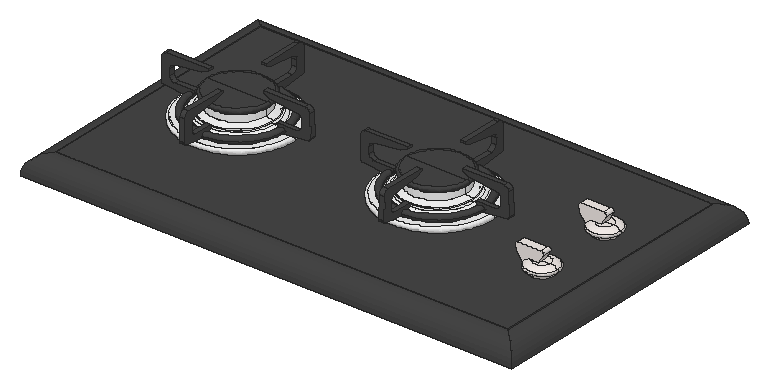
Revit family
Reference planes
  plane 1 "Center (Front/Back)": y = 0
  plane 2: z = 0
  plane 3 "Center (Left/Right)": x = 0
  plane 4: y = 150
  plane 5: y = -150
  plane 6: x = -250
  plane 7: x = 250
  plane 8: y = 130
  plane 9: y = -130
  plane 10: x = -230
  plane 11: x = 230
Forms (mm)
  Extrusion 1, solid, material "Cooktop - Body"
    sketch origin (0, 0, 0) x (1, 0, 0) y (0, 1, 0)
      loop
        line (-230, 130) -> (-230, -130) -> (230, -130) -> (230, 130) -> (-230, 130)
    from 0 to 20
  Sweep 2, solid, material "Cooktop - Body"
    path in 3D
      loop
        line (230, -130, 20) -> (230, 130, 20) -> (-230, 130, 20) -> (-230, -130, 20) -> (230, -130, 20)
    profile origin (0, -130, 20) x (0, 1, 0) y (0, 0, 1)
      loop
        arc (0, 0) -> (-14.142, -5.858) -> (-20, -20) r 20
        line (-20, -20) -> (0, -20) -> (0, 0)
  Revolve 3, solid, material "Cooktop - Detail 2"
    sketch origin (155, 0, 20) x (-1, 0, 0) y (0, 0, -1)
      loop
        line (101.25, 0) -> (46.25, 0)
        arc (46.25, 0) -> (43.75, -2.5) -> (46.25, -5) r 2.5
        line (46.25, -5) -> (56.25, -5) -> (59.786, -8.536)
        arc (59.786, -8.536) -> (61.398, -9.563) -> (63.293, -9.812) r 4.416
        line (63.293, -9.812) -> (67.19, -9.812) -> (67.19, -10.959) -> (65.38, -10.959) -> (65.38, -11.852) -> (72.127, -14.578) -> (72.127, -23.722) -> (101.25, -23.722) -> (101.25, 0)
      axis (101.25, -23.722) -> (101.25, 0)
    angle from 0 to 360
  Revolve 4, solid, material "Cooktop - Body"
    sketch origin (155, 0, 20) x (-1, 0, 0) y (0, 0, -1)
      loop
        circle (54.617, -8.324) r 3.052
      axis (101.25, -8.324) -> (101.25, -9.324)
    angle from 0 to 360
  Extrusion 5, solid, material "Cooktop - Body"
    sketch origin (155, 2.5, 20) x (-1, 0, 0) y (0, 0, -1)
      loop
        line (53.53, -5.462) -> (27.524, -8.655)
        arc (27.524, -8.655) -> (26.171, -9.374) -> (25.647, -10.813) r 2.139
        line (25.647, -10.813) -> (26.019, -33.141)
        arc (26.019, -33.141) -> (27.535, -36.556) -> (30.998, -37.957) r 4.982
        line (30.998, -37.957) -> (73.328, -37.957) -> (73.328, -36.184) -> (66.703, -33.095) -> (39.234, -29.722)
        arc (39.234, -29.722) -> (35.711, -28.263) -> (34.252, -24.74) r 4.982
        line (34.252, -24.74) -> (34.252, -18.214)
        arc (34.252, -18.214) -> (35.711, -14.691) -> (39.234, -13.232) r 4.982
        line (39.234, -13.232) -> (59.234, -13.232) -> (59.234, -11.166) -> (53.53, -5.462)
    from 0 to 5
  Revolve 6, solid, material "Cooktop - Body"
    sketch origin (155, 0, 20) x (-1, 0, 0) y (0, 0, -1)
      loop
        arc (72.256, -23.722) -> (68.769, -24.687) -> (70.852, -27.645) r 2.213
        line (70.852, -27.645) -> (101.25, -27.645) -> (101.25, -23.722) -> (72.256, -23.722)
      axis (101.25, -23.722) -> (101.25, -27.645)
    angle from 0 to 360
  Extrusion 7, solid, material "Cooktop - Body"
    sketch origin (56.25, 106.25, 20) x (0, -1, 0) y (0, 0, 1)
      loop
        line (53.53, 5.462) -> (59.234, 11.166) -> (59.234, 13.232) -> (39.234, 13.232)
        arc (39.234, 13.232) -> (35.711, 14.691) -> (34.252, 18.214) r 4.982
        line (34.252, 18.214) -> (34.252, 24.74)
        arc (34.252, 24.74) -> (35.711, 28.263) -> (39.234, 29.722) r 4.982
        line (39.234, 29.722) -> (66.703, 33.095) -> (73.328, 36.184) -> (73.328, 37.957) -> (30.998, 37.957)
        arc (30.998, 37.957) -> (27.535, 36.556) -> (26.019, 33.141) r 4.982
        line (26.019, 33.141) -> (25.647, 10.813)
        arc (25.647, 10.813) -> (26.171, 9.374) -> (27.524, 8.655) r 2.139
        line (27.524, 8.655) -> (53.53, 5.462)
    from 0 to 5
  Extrusion 8, solid, material "Cooktop - Body"
    sketch origin (56.25, -96.25, 20) x (0, 1, 0) y (0, 0, -1)
      loop
        line (53.53, -5.462) -> (27.524, -8.655)
        arc (27.524, -8.655) -> (26.171, -9.374) -> (25.647, -10.813) r 2.139
        line (25.647, -10.813) -> (26.019, -33.141)
        arc (26.019, -33.141) -> (27.535, -36.556) -> (30.998, -37.957) r 4.982
        line (30.998, -37.957) -> (73.328, -37.957) -> (73.328, -36.184) -> (66.703, -33.095) -> (39.234, -29.722)
        arc (39.234, -29.722) -> (35.711, -28.263) -> (34.252, -24.74) r 4.982
        line (34.252, -24.74) -> (34.252, -18.214)
        arc (34.252, -18.214) -> (35.711, -14.691) -> (39.234, -13.232) r 4.982
        line (39.234, -13.232) -> (59.234, -13.232) -> (59.234, -11.166) -> (53.53, -5.462)
    from 0 to 5
  Extrusion 9, solid, material "Cooktop - Body"
    sketch origin (-47.5, 2.5, 20) x (1, 0, 0) y (0, 0, 1)
      loop
        line (53.53, 5.462) -> (59.234, 11.166) -> (59.234, 13.232) -> (39.234, 13.232)
        arc (39.234, 13.232) -> (35.711, 14.691) -> (34.252, 18.214) r 4.982
        line (34.252, 18.214) -> (34.252, 24.74)
        arc (34.252, 24.74) -> (35.711, 28.263) -> (39.234, 29.722) r 4.982
        line (39.234, 29.722) -> (66.703, 33.095) -> (73.328, 36.184) -> (73.328, 37.957) -> (30.998, 37.957)
        arc (30.998, 37.957) -> (27.535, 36.556) -> (26.019, 33.141) r 4.982
        line (26.019, 33.141) -> (25.647, 10.813)
        arc (25.647, 10.813) -> (26.171, 9.374) -> (27.524, 8.655) r 2.139
        line (27.524, 8.655) -> (53.53, 5.462)
    from 0 to 5
  Revolve 10, solid, material "Cooktop - Detail 2"
    sketch origin (-47.5, 0, 20) x (-1, 0, 0) y (0, 0, -1)
      loop
        line (101.25, 0) -> (46.25, 0)
        arc (46.25, 0) -> (43.75, -2.5) -> (46.25, -5) r 2.5
        line (46.25, -5) -> (56.25, -5) -> (59.786, -8.536)
        arc (59.786, -8.536) -> (61.398, -9.563) -> (63.293, -9.812) r 4.416
        line (63.293, -9.812) -> (67.19, -9.812) -> (67.19, -10.959) -> (65.38, -10.959) -> (65.38, -11.852) -> (72.127, -14.578) -> (72.127, -23.722) -> (101.25, -23.722) -> (101.25, 0)
      axis (101.25, -23.722) -> (101.25, 0)
    angle from 0 to 360
  Revolve 11, solid, material "Cooktop - Body"
    sketch origin (-47.5, 0, 20) x (-1, 0, 0) y (0, 0, -1)
      loop
        circle (54.617, -8.324) r 3.052
      axis (101.25, -8.324) -> (101.25, -9.324)
    angle from 0 to 360
  Extrusion 12, solid, material "Cooktop - Body"
    sketch origin (-47.5, 2.5, 20) x (-1, 0, 0) y (0, 0, -1)
      loop
        line (53.53, -5.462) -> (27.524, -8.655)
        arc (27.524, -8.655) -> (26.171, -9.374) -> (25.647, -10.813) r 2.139
        line (25.647, -10.813) -> (26.019, -33.141)
        arc (26.019, -33.141) -> (27.535, -36.556) -> (30.998, -37.957) r 4.982
        line (30.998, -37.957) -> (73.328, -37.957) -> (73.328, -36.184) -> (66.703, -33.095) -> (39.234, -29.722)
        arc (39.234, -29.722) -> (35.711, -28.263) -> (34.252, -24.74) r 4.982
        line (34.252, -24.74) -> (34.252, -18.214)
        arc (34.252, -18.214) -> (35.711, -14.691) -> (39.234, -13.232) r 4.982
        line (39.234, -13.232) -> (59.234, -13.232) -> (59.234, -11.166) -> (53.53, -5.462)
    from 0 to 5
  Revolve 13, solid, material "Cooktop - Body"
    sketch origin (-47.5, 0, 20) x (-1, 0, 0) y (0, 0, -1)
      loop
        arc (72.256, -23.722) -> (68.769, -24.687) -> (70.852, -27.645) r 2.213
        line (70.852, -27.645) -> (101.25, -27.645) -> (101.25, -23.722) -> (72.256, -23.722)
      axis (101.25, -23.722) -> (101.25, -27.645)
    angle from 0 to 360
  Extrusion 14, solid, material "Cooktop - Body"
    sketch origin (-146.25, 106.25, 20) x (0, -1, 0) y (0, 0, 1)
      loop
        line (53.53, 5.462) -> (59.234, 11.166) -> (59.234, 13.232) -> (39.234, 13.232)
        arc (39.234, 13.232) -> (35.711, 14.691) -> (34.252, 18.214) r 4.982
        line (34.252, 18.214) -> (34.252, 24.74)
        arc (34.252, 24.74) -> (35.711, 28.263) -> (39.234, 29.722) r 4.982
        line (39.234, 29.722) -> (66.703, 33.095) -> (73.328, 36.184) -> (73.328, 37.957) -> (30.998, 37.957)
        arc (30.998, 37.957) -> (27.535, 36.556) -> (26.019, 33.141) r 4.982
        line (26.019, 33.141) -> (25.647, 10.813)
        arc (25.647, 10.813) -> (26.171, 9.374) -> (27.524, 8.655) r 2.139
        line (27.524, 8.655) -> (53.53, 5.462)
    from 0 to 5
  Extrusion 15, solid, material "Cooktop - Body"
    sketch origin (-146.25, -96.25, 20) x (0, 1, 0) y (0, 0, -1)
      loop
        line (53.53, -5.462) -> (27.524, -8.655)
        arc (27.524, -8.655) -> (26.171, -9.374) -> (25.647, -10.813) r 2.139
        line (25.647, -10.813) -> (26.019, -33.141)
        arc (26.019, -33.141) -> (27.535, -36.556) -> (30.998, -37.957) r 4.982
        line (30.998, -37.957) -> (73.328, -37.957) -> (73.328, -36.184) -> (66.703, -33.095) -> (39.234, -29.722)
        arc (39.234, -29.722) -> (35.711, -28.263) -> (34.252, -24.74) r 4.982
        line (34.252, -24.74) -> (34.252, -18.214)
        arc (34.252, -18.214) -> (35.711, -14.691) -> (39.234, -13.232) r 4.982
        line (39.234, -13.232) -> (59.234, -13.232) -> (59.234, -11.166) -> (53.53, -5.462)
    from 0 to 5
  Extrusion 16, solid, material "Cooktop - Body"
    sketch origin (-250, 2.5, 20) x (1, 0, 0) y (0, 0, 1)
      loop
        line (53.53, 5.462) -> (59.234, 11.166) -> (59.234, 13.232) -> (39.234, 13.232)
        arc (39.234, 13.232) -> (35.711, 14.691) -> (34.252, 18.214) r 4.982
        line (34.252, 18.214) -> (34.252, 24.74)
        arc (34.252, 24.74) -> (35.711, 28.263) -> (39.234, 29.722) r 4.982
        line (39.234, 29.722) -> (66.703, 33.095) -> (73.328, 36.184) -> (73.328, 37.957) -> (30.998, 37.957)
        arc (30.998, 37.957) -> (27.535, 36.556) -> (26.019, 33.141) r 4.982
        line (26.019, 33.141) -> (25.647, 10.813)
        arc (25.647, 10.813) -> (26.171, 9.374) -> (27.524, 8.655) r 2.139
        line (27.524, 8.655) -> (53.53, 5.462)
    from 0 to 5
  Revolve 17, solid, material "Cooktop - Detail 1"
    sketch origin (122.5, 40, 20) x (1, 0, 0) y (0, 0, -1)
      loop
        line (70, 0) -> (57.788, 0) -> (54.122, -4.255)
        arc (54.122, -4.255) -> (53.692, -5.465) -> (54.191, -6.649) r 1.776
        arc (54.191, -6.649) -> (57.476, -8.905) -> (61.381, -9.7) r 10
        line (61.381, -9.7) -> (70, -9.7) -> (70, 0)
      axis (70, 0) -> (70, -9.7)
    angle from 0 to 360
  Extrusion 18, solid, material "Cooktop - Detail 1"
    sketch origin (204.712, 40, 1200) x (1, 0, 0) y (0, 0, 1)
      loop
        line (-12.212, -1170.188) -> (-7.501, -1162.478)
        arc (-7.501, -1162.478) -> (-7.452, -1159.85) -> (-9.72, -1158.521) r 2.601
        line (-9.72, -1158.521) -> (-33.201, -1158.521)
        arc (-33.201, -1158.521) -> (-34.829, -1159.821) -> (-35.443, -1161.812) r 3.536
        line (-35.443, -1161.812) -> (-34.064, -1166.618)
        arc (-34.064, -1166.618) -> (-31.908, -1171.212) -> (-28.329, -1174.809) r 14.822
        line (-28.329, -1174.809) -> (-12.212, -1170.188)
    from 4.4 to -4.4
  Revolve 19, solid, material "Cooktop - Detail 1"
    sketch origin (122.5, -40, 20) x (1, 0, 0) y (0, 0, 1)
      loop
        line (70, 0) -> (70, 9.7) -> (61.381, 9.7)
        arc (61.381, 9.7) -> (57.476, 8.905) -> (54.191, 6.649) r 10
        arc (54.191, 6.649) -> (53.692, 5.465) -> (54.122, 4.255) r 1.776
        line (54.122, 4.255) -> (57.788, 0) -> (70, 0)
      axis (70, 0) -> (70, 9.7)
    angle from 0 to 360
  Extrusion 20, solid, material "Cooktop - Detail 1"
    sketch origin (204.712, -40, 1200) x (1, 0, 0) y (0, 0, -1)
      loop
        line (-12.212, 1170.188) -> (-28.329, 1174.809)
        arc (-28.329, 1174.809) -> (-31.908, 1171.212) -> (-34.064, 1166.618) r 14.822
        line (-34.064, 1166.618) -> (-35.443, 1161.812)
        arc (-35.443, 1161.812) -> (-34.829, 1159.821) -> (-33.201, 1158.521) r 3.536
        line (-33.201, 1158.521) -> (-9.72, 1158.521)
        arc (-9.72, 1158.521) -> (-7.452, 1159.85) -> (-7.501, 1162.478) r 2.601
        line (-7.501, 1162.478) -> (-12.212, 1170.188)
    from 4.4 to -4.4
Lines and regions (mm)
  sketch lines
    curve 1: line (-230, -130, 20) -> (230, -130, 20)
    curve 2: line (-230, 130, 20) -> (-230, -130, 20)
    curve 3: line (230, 130, 20) -> (-230, 130, 20)
    curve 4: line (230, -130, 20) -> (230, 130, 20)
